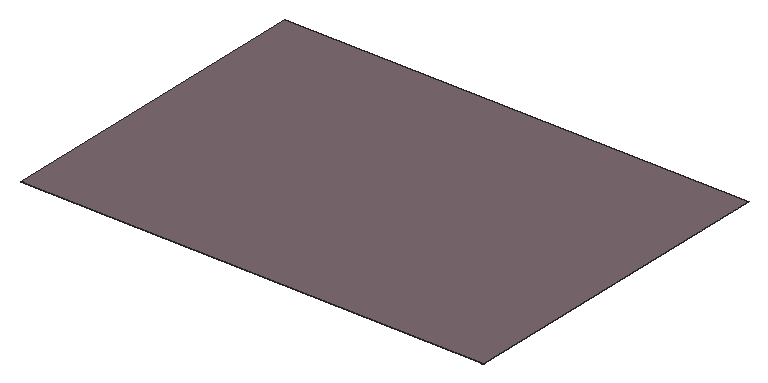
Revit family "Foundation-Barrier-Pango-Wrap-Termite-And-Vapor_Barrier", category Specialty Equipment, host Face, Revit 2020
Family settings
  Host = Face
  Round Connector Dimension = Use Diameter
  Part Type = Normal
  OmniClass Number = 23.25.05.21
  OmniClass Title = Special Foundations
  Cut with Voids When Loaded = No
  Shared = No
  Room Calculation Point = No
Parameters (values of type "Pango® Wrap Termite & Vapor Barrier 15 mils")
  Youtube clip = "https://youtu.be/vzgNG435AUk"
  Width Max Validate [instance] = if(Width > 14' 0", 14' 0", Width)  # 14' - 0"
  Width [instance] = 14' - 0"
  Weight Net (Kg) = "0"
  Vapor Barrier Thickness = "15 mils"
  Uniformat II Description = ""
  Uniformat II Code = ""
  Uniclass 2015 Name = ""
  Uniclass 2015 Code = ""
  Uniclass 2.0 Description = ""
  Uniclass 2.0 Code = ""
  Uniclass 1.4 Description = ""
  Uniclass 1.4 Code = ""
  URL = "http://www.stegoindustries.com"
  UNSPSC Code = ""
  Type Comments = ""
  Technical description = "Physical barrier to subterranean termites and under-slab vapor barrier"
  Stego Vapor Barrier = Pango® Wrap Termite & Vapor  Barrier
  Region South America = "CL, PE"
  Region Oceania = "AU, NZ"
  Region North America = "AG, AI, AW, BB, BL, BM, BQ, BS, BZ, CA, CR, CU, CW, DM, DO, GD, GL, GP, GT, HN, HT, JM, KN, KY, LC, MF, MQ, MS, MX, NI, PA, PM, PR, SV, SX, TC, TT, US, VC, VG, VI"
  Region Middle East = "None"
  Region Europe = "None"
  Region Asia = "None"
  Region Antarctica = "None"
  Region Africa = "None"
  QR code = "https://bimobject.com/stego-industries/product/stego008"
  Product url = "https://www.stegoindustries.com/producer-15-mil\r\nhttps://www.stegoindustries.com/products/vapor-barrier-15-mil\r\nhttps://www.stegoindustries.com/products/pango-wrap"
  Product group = "Pango Wrap Vapor & Termite Barrier"
  Product family = "Thermal and Moisture Protective Products / Pango Wrap Termite and Vapor Barrier"
  Product data url = "https://bimobject.com/stego-industries/product/stego008"
  Product certification = "https://www.stegoindustries.com/contact-us/technical-assistance"
  Product SKU = "stego008"
  Product Page URL = "https://www.stegoindustries.com/products/pango-wrap"
  Product Guid = "https://www.stegoindustries.com/hubfs/Why-Choose-Pango-Wrap-Campaign/Pango-Wrap-Termite-Vapor-Barrier-Solution-Brochure.pdf"
  Product Documentation Link = "https://www.stegoindustries.com/hubfs/Data-Sheets/Pango-Wrap-Termite-Vapor-Barrier-Data-Sheet.pdf"
  OmniClass Description = ""
  OmniClass Code = ""
  Nominal width = 0' - 0"
  Nominal height = 0' - 0"
  NBS Reference Description = ""
  NBS Reference Code = ""
  Model = "Pango® Wrap Termite & Vapor Barrier"
  Max Length Note = "Maximum roll length is 140'."
  Material secondary = ""
  Material main = "Polyethylene"
  Masterformat 2014 Description = "Vapor & Termite Retarders"
  Masterformat 2014 Code = "31 31 16"
  Manufacturer name = "Stego Industries, LLC"
  Manufacturer country = "United States"
  Manufacturer = "Stego Industries, LLC"  # constant formula
  Low Emitting Material = yes
  Length [instance] = 10' - 0"
  Installation instructions = "https://www.stegoindustries.com/hubfs/Installation/Pango_Wrap_Termite_Vapor_Barrier-Installation_Instructions-.pdf\r\nhttps://www.stegoindustries.com/hubfs/Installation/Stego_Wrap_Vapor_Barrier_Retarder-Installation_Instructions-.pdf\r\nhttps://www.stegoindustries.com/hubfs/Installation/Stego_Wrap_Vapor_Barrier_Retarder-Installation_Instructions-.pdf"
  IFC Classification = ""
  Edition number = 1
  EAN code = ""
  Design country = "United States"
  Description = "\"Pango Wrap Termite/Vapor Barrier is a physical barrier against Formosan termites and moisture vapor. Through patented and trade secret processes, Pango Wrap combines uniquely designed barrier materials with the flexibility and strength of extruded high-performance polyolefin film into an easy to install, physical barrier against subterranean termites. \nStego Industries, LLC is the exclusive Representative for all products, including Pango® Wrap, Drago® Wrap and all accessory products associated with both Wrap lines owned by Stego Technology, LLC, a wholly independent company from Stego Industries, LLC. \""
  Default Elevation = 0' - 0"
  Date of publishing = "10/4/2019"
  COBIe Type Category = ""
  Brand url = "http://www.stegoindustries.com"
  BIMobject category = "Waterproofing & Membranes"
  ASTM = "Meets ASTM E1745 Requirements"
Reference planes (in)
  plane 1 "Center (Front/Back)": y = 0
  plane 2: z = 0
  plane 3 "Center (Left/Right)": x = 0
  plane 4: x = -84
  plane 5: x = 84
  plane 6: y = 60
  plane 7: x = -78
  plane 8 "Start Roll Length": y = 60
  plane 9 "Left Vapor Barrier": x = -84
  plane 10 "Right Vapor Barrier": x = 84
  plane 11: y = -60
  plane 12: x = 78
Forms (in)
  Extrusion 1, solid, material "Pango® Wrap Termite & Vapor  Barrier" <- "Stego Vapor Barrier"
    sketch origin (0, 0, 0) x (1, 0, 0) y (0, 1, 0)
      loop
        line (-84, -60) -> (84, -60) -> (84, 60) -> (-84, 60) -> (-84, -60)
    from 0 to 0.032
Lines and regions (in)
  Masking region 1
    outline origin (0, 0, 0) x (1, 0, 0) y (0, 1, 0)
      loop
        line (-84, 60) -> (-84, -60) -> (84, -60) -> (84, 60) -> (-84, 60)
  Masking region 2
    outline origin (0, 0, 0) x (1, 0, 0) y (0, 0, 1)
      loop
        line (-84, 0.032) -> (-84, 0) -> (84, 0) -> (84, 0.032) -> (-84, 0.032)
  Masking region 3
    outline origin (0, 0, 0) x (0, 1, 0) y (0, 0, 1)
      loop
        line (60, 0.032) -> (-60, 0.032) -> (-60, 0) -> (60, 0) -> (60, 0.032)
  model lines, style "InvisibleLines", detail levels medium+fine
    curve 1: line (-78, 60, 0) -> (-78, -60, 0)
    curve 2: line (78, 60, 0) -> (78, -60, 0)
Dimensions and locks (in)
  equal spacing: plane 4, plane 3 "Center (Left/Right)", plane 5
  equal spacing: plane 9 "Left Vapor Barrier", plane 3 "Center (Left/Right)", plane 10 "Right Vapor Barrier"
  "Width Max Validate": plane 9 "Left Vapor Barrier" to plane 10 "Right Vapor Barrier"
  locked: plane 9 "Left Vapor Barrier" to plane 7 at 6
  "Length": plane 8 "Start Roll Length" to plane 11
  locked: plane 12 to plane 10 "Right Vapor Barrier" at 6
  aligned and locked: plane 2 to host face
  aligned and locked: level to host face
  aligned and locked: Extrusion 1 sketch curve to plane 11
  aligned and locked: Extrusion 1 sketch curve to plane 9 "Left Vapor Barrier"
  aligned and locked: plane 8 "Start Roll Length" to Extrusion 1 sketch curve
  aligned and locked: plane 10 "Right Vapor Barrier" to Extrusion 1 sketch curve
  aligned and locked: curve 1 to plane 7
  aligned and locked: plane 11 to curve 1
  aligned and locked: plane 8 "Start Roll Length" to curve 1
  aligned and locked: curve 2 to plane 12
  aligned and locked: plane 11 to curve 2
  aligned and locked: plane 8 "Start Roll Length" to curve 2
  aligned and locked: Masking region 1 sketch curve to Extrusion 1  (x4)
  aligned and locked: Masking region 2 sketch curve to Extrusion 1  (x4)
  aligned and locked: Masking region 3 sketch curve to Extrusion 1  (x3)
  aligned and locked: Masking region 3 sketch curve to curve 1
Automatic sketch dimensions
  host sketch curve to host sketch curve = 0' - 0.03563"
  host sketch curve to host sketch curve = 0' - 0.03243"
